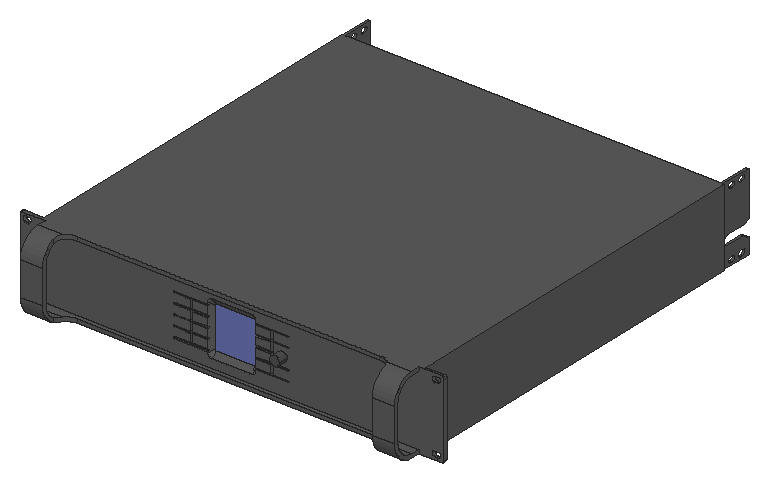
Revit family "PLM 5k44", category Communication Devices, Revit 2020
Family settings
  Maintain Annotation Orientation = No
  Round Connector Dimension = Use Diameter
  Part Type = Normal
  Work Plane-Based = No
  Always vertical = Yes
  Cut with Voids When Loaded = No
  Shared = No
  Room Calculation Point = No
Parameters
  Weight (kg) [instance] = 11.4  # constant formula
  Voltage [instance] = "100-240VAC"
  Thermal Load in Standby (BTU/hr) [instance] = 25  # constant formula
  Thermal Load Max (BTU/hr) [instance] = 1133  # constant formula
  Model = "PLM 5K44"
  Manufacturer = "Lab Gruppen"
  Default Elevation = 0 mm
  Current Draw (Max) [instance] = 10  # constant formula
Reference planes
  plane 1 "Center (Front/Back)": y = 0
  plane 2: z = 0
  plane 3 "Center (Left/Right)": x = 0
Forms (mm)
  Extrusion 1, solid, material "Aluminium, Black"
    sketch origin (0, 0, -0.064) x (1, 0, 0) y (0, 0, 1)
      loop
        arc (-239.3, 88.064) -> (-240.714, 87.478) -> (-241.3, 86.064) r 2
        line (-241.3, 86.064) -> (-241.3, 2.064)
        arc (-241.3, 2.064) -> (-240.714, 0.65) -> (-239.3, 0.064) r 2
        line (-239.3, 0.064) -> (239.3, 0.064)
        arc (239.3, 0.064) -> (240.714, 0.65) -> (241.3, 2.064) r 2
        line (241.3, 2.064) -> (241.3, 86.064)
        arc (241.3, 86.064) -> (240.714, 87.478) -> (239.3, 88.064) r 2
        line (239.3, 88.064) -> (-239.3, 88.064)
    from 0 to 3.2
  Extrusion 2, void
    sketch origin (0, 0, 0) x (1, 0, 0) y (0, 0, 1)
      loop
        arc (-234.4, 85.6) -> (-237.9, 82.1) -> (-234.4, 78.6) r 3.5
        line (-234.4, 78.6) -> (-231.4, 78.6)
        arc (-231.4, 78.6) -> (-227.9, 82.1) -> (-231.4, 85.6) r 3.5
        line (-231.4, 85.6) -> (-234.4, 85.6)
    from 0 to 3.2
  Extrusion 3, void
    sketch origin (0, 0, -76.2) x (1, 0, 0) y (0, 0, 1)
      loop
        arc (-234.4, 85.6) -> (-237.9, 82.1) -> (-234.4, 78.6) r 3.5
        line (-234.4, 78.6) -> (-231.4, 78.6)
        arc (-231.4, 78.6) -> (-227.9, 82.1) -> (-231.4, 85.6) r 3.5
        line (-231.4, 85.6) -> (-234.4, 85.6)
    from 0 to 3.2
  Extrusion 4, void
    sketch origin (465.8, 0, 0) x (1, 0, 0) y (0, 0, 1)
      loop
        arc (-234.4, 85.6) -> (-237.9, 82.1) -> (-234.4, 78.6) r 3.5
        line (-234.4, 78.6) -> (-231.4, 78.6)
        arc (-231.4, 78.6) -> (-227.9, 82.1) -> (-231.4, 85.6) r 3.5
        line (-231.4, 85.6) -> (-234.4, 85.6)
    from 0 to 3.2
  Extrusion 5, void
    sketch origin (465.8, 0, -76.2) x (1, 0, 0) y (0, 0, 1)
      loop
        arc (-234.4, 85.6) -> (-237.9, 82.1) -> (-234.4, 78.6) r 3.5
        line (-234.4, 78.6) -> (-231.4, 78.6)
        arc (-231.4, 78.6) -> (-227.9, 82.1) -> (-231.4, 85.6) r 3.5
        line (-231.4, 85.6) -> (-234.4, 85.6)
    from 0 to 3.2
  Extrusion 6, solid, material "Aluminium, Black"
    sketch origin (0, 0, 0) x (1, 0, 0) y (0, 0, 1)
      loop
        line (-217.6, 88) -> (-217.6, 0) -> (217.6, 0) -> (217.6, 88) -> (-217.6, 88)
    from 0 to -425
  Extrusion 7, solid, material "Aluminium, Black"
    sketch origin (0, 0, 0) x (0, 1, 0) y (0, 0, 1)
      loop
        line (-3.2, 88) -> (-13.5, 88)
        arc (-13.5, 88) -> (-31.178, 80.678) -> (-38.5, 63) r 25
        line (-38.5, 63) -> (-38.5, 25)
        arc (-38.5, 25) -> (-31.045, 7.189) -> (-13.125, 0) r 25.003
        line (-13.125, 0) -> (-3.2, 0) -> (-3.2, 4) -> (-13.5, 4)
        arc (-13.5, 4) -> (-28.349, 10.151) -> (-34.5, 25) r 21
        line (-34.5, 25) -> (-34.5, 63)
        arc (-34.5, 63) -> (-28.349, 77.849) -> (-13.5, 84) r 21
        line (-13.5, 84) -> (-3.2, 84) -> (-3.2, 88)
    from -212.75 to 212.825
  Extrusion 8, void
    sketch origin (0, 0, 0) x (1, 0, 0) y (0, 1, 0)
      loop
        line (-187.75, -23.5) -> (-187.75, -39.5) -> (187.749, -39.5) -> (187.749, -23.499)
        arc (187.749, -23.499) -> (183.356, -12.893) -> (172.75, -8.5) r 14.999
        line (172.75, -8.5) -> (-172.75, -8.5)
        arc (-172.75, -8.5) -> (-183.357, -12.893) -> (-187.75, -23.5) r 15
    from -2.378 to 88
  Extrusion 9, solid, material "Aluminium, Black"
    sketch origin (0, 425, 0) x (-1, 0, 0) y (0, 0, 1)
      loop
        line (-216.2, 88) -> (-216.2, 0) -> (-213.7, 0) -> (-213.7, 88) -> (-216.2, 88)
    from 0 to 36
  Extrusion 10, solid, material "Aluminium, Black"
    sketch origin (0, 425, 0) x (1, 0, 0) y (0, 0, -1)
      loop
        line (-216.2, -88) -> (-213.7, -88) -> (-213.7, 0) -> (-216.2, 0) -> (-216.2, -88)
    from 0 to 35
  Extrusion 11, void
    sketch origin (216.2, 425.995, 80.107) x (0, 0, 1) y (0, -1, 0)
      loop
        arc (5.393, -9.5) -> (1.893, -6) -> (-1.607, -9.5) r 3.5
        line (-1.607, -9.5) -> (-1.607, -12.5)
        arc (-1.607, -12.5) -> (1.893, -16) -> (5.393, -12.5) r 3.5
        line (5.393, -12.5) -> (5.393, -9.5)
    from 0 to -2.5
  Extrusion 12, void
    sketch origin (216.2, 440.495, 80.107) x (0, 0, 1) y (0, -1, 0)
      loop
        arc (5.393, -9.5) -> (1.893, -6) -> (-1.607, -9.5) r 3.5
        line (-1.607, -9.5) -> (-1.607, -12.5)
        arc (-1.607, -12.5) -> (1.893, -16) -> (5.393, -12.5) r 3.5
        line (5.393, -12.5) -> (5.393, -9.5)
    from 0 to -2.5
  Extrusion 13, void
    sketch origin (216.2, 425.995, 4.107) x (0, 0, 1) y (0, -1, 0)
      loop
        arc (5.393, -9.5) -> (1.893, -6) -> (-1.607, -9.5) r 3.5
        line (-1.607, -9.5) -> (-1.607, -12.5)
        arc (-1.607, -12.5) -> (1.893, -16) -> (5.393, -12.5) r 3.5
        line (5.393, -12.5) -> (5.393, -9.5)
    from 0 to -2.5
  Extrusion 14, void
    sketch origin (216.2, 440.495, 4.107) x (0, 0, 1) y (0, -1, 0)
      loop
        arc (5.393, -9.5) -> (1.893, -6) -> (-1.607, -9.5) r 3.5
        line (-1.607, -9.5) -> (-1.607, -12.5)
        arc (-1.607, -12.5) -> (1.893, -16) -> (5.393, -12.5) r 3.5
        line (5.393, -12.5) -> (5.393, -9.5)
    from 0 to -2.5
  Extrusion 15, void
    sketch origin (216.2, 425, 80.107) x (0, 0, 1) y (0, -1, 0)
      loop
        line (-61.448, -36) -> (-42.965, -36) -> (-47.007, -29) -> (-47.007, -6)
        arc (-47.007, -6) -> (-52.207, -0.8) -> (-57.407, -6) r 5.2
        line (-57.407, -6) -> (-57.407, -29) -> (-61.448, -36)
    from 0 to -2.5
  Extrusion 16, void
    sketch origin (-216.2, 425, 80.107) x (0, 0, -1) y (0, 1, 0)
      loop
        arc (-5.393, 10.495) -> (-1.893, 6.995) -> (1.607, 10.495) r 3.5
        line (1.607, 10.495) -> (1.607, 13.495)
        arc (1.607, 13.495) -> (-1.893, 16.995) -> (-5.393, 13.495) r 3.5
        line (-5.393, 13.495) -> (-5.393, 10.495)
    from 0 to 2.5
  Extrusion 17, void
    sketch origin (-216.2, 425, 80.107) x (0, 0, -1) y (0, 1, 0)
      loop
        arc (-5.393, 24.995) -> (-1.893, 21.495) -> (1.607, 24.995) r 3.5
        line (1.607, 24.995) -> (1.607, 27.995)
        arc (1.607, 27.995) -> (-1.893, 31.495) -> (-5.393, 27.995) r 3.5
        line (-5.393, 27.995) -> (-5.393, 24.995)
    from 0 to 2.5
  Extrusion 18, void
    sketch origin (-216.2, 425, 80.107) x (0, 0, -1) y (0, 1, 0)
      loop
        arc (70.607, 10.495) -> (74.107, 6.995) -> (77.607, 10.495) r 3.5
        line (77.607, 10.495) -> (77.607, 13.495)
        arc (77.607, 13.495) -> (74.107, 16.995) -> (70.607, 13.495) r 3.5
        line (70.607, 13.495) -> (70.607, 10.495)
    from 0 to 2.5
  Extrusion 19, void
    sketch origin (-216.2, 425, 80.107) x (0, 0, -1) y (0, 1, 0)
      loop
        arc (70.607, 24.995) -> (74.107, 21.495) -> (77.607, 24.995) r 3.5
        line (77.607, 24.995) -> (77.607, 27.995)
        arc (77.607, 27.995) -> (74.107, 31.495) -> (70.607, 27.995) r 3.5
        line (70.607, 27.995) -> (70.607, 24.995)
    from 0 to 2.5
  Extrusion 20, void
    sketch origin (-216.2, 425, 80.107) x (0, 0, -1) y (0, 1, 0)
      loop
        line (61.448, 36) -> (42.965, 36) -> (47.007, 29) -> (47.007, 6)
        arc (47.007, 6) -> (52.207, 0.8) -> (57.407, 6) r 5.2
        line (57.407, 6) -> (57.407, 29) -> (61.448, 36)
    from 0 to 2.5
  Extrusion 21, solid, material "Steel, Paint Finish, Black, Matte"
    sketch origin (0, -3.2, 88) x (0, 0, -1) y (-1, 0, 0)
      loop
        circle (44, -56.9) r 5.35
    from 0 to -10.5
  Blend 22, void
    base sketch origin (0, -3.2, 88) x (0, 0, -1) y (-1, 0, 0)
      loop
        arc (13.34, 23.681) -> (12.926, -0.008) -> (13.343, -23.697) r 676.447
        arc (13.343, -23.697) -> (14.858, -26.344) -> (17.723, -27.391) r 4.444
        line (17.723, -27.391) -> (70.078, -27.391)
        arc (70.078, -27.391) -> (72.853, -26.315) -> (74.176, -23.65) r 4.115
        arc (74.176, -23.65) -> (74.563, 0) -> (74.176, 23.65) r 723.698
        arc (74.176, 23.65) -> (72.853, 26.315) -> (70.078, 27.391) r 4.115
        line (70.078, 27.391) -> (17.723, 27.391)
        arc (17.723, 27.391) -> (14.852, 26.339) -> (13.34, 23.681) r 4.444
    top sketch origin (0, -3.2, 88) x (0, 0, -1) y (-1, 0, 0)
      loop
        arc (66.251, -23.505) -> (67.319, -23.095) -> (67.838, -22.076) r 1.596
        line (67.838, -22.076) -> (67.838, 22.076)
        arc (67.838, 22.076) -> (67.319, 23.095) -> (66.251, 23.505) r 1.596
        line (66.251, 23.505) -> (21.713, 23.505)
        arc (21.713, 23.505) -> (20.644, 23.102) -> (20.108, 22.094) r 1.619
        line (20.108, 22.094) -> (20.108, -22.094)
        arc (20.108, -22.094) -> (20.644, -23.102) -> (21.713, -23.505) r 1.619
        line (21.713, -23.505) -> (66.251, -23.505)
    from 0 to 5
  Extrusion 23, void
    sketch origin (0, -3.2, 88) x (0, 0, 1) y (-1, 0, 0)
      loop
        line (-19.588, -64.767) -> (-19.588, -25.383) -> (-22.192, -25.383) -> (-22.192, -44.418) -> (-31.178, -44.418) -> (-31.178, -25.383) -> (-33.733, -25.383) -> (-33.733, -44.418) -> (-42.752, -44.418) -> (-42.752, -25.383) -> (-45.272, -25.383) -> (-45.272, -44.418) -> (-54.208, -44.418) -> (-54.208, -25.383) -> (-56.813, -25.383) -> (-56.813, -44.418) -> (-65.748, -44.418) -> (-65.748, -25.383) -> (-68.353, -25.383) -> (-68.353, -64.767)
        arc (-68.353, -64.767) -> (-67.05, -66.07) -> (-65.748, -64.767) r 1.302
        line (-65.748, -64.767) -> (-65.748, -47.035) -> (-56.813, -47.035) -> (-56.813, -64.767)
        arc (-56.813, -64.767) -> (-55.51, -66.07) -> (-54.208, -64.767) r 1.302
        line (-54.208, -64.767) -> (-54.208, -47.035) -> (-33.733, -47.035) -> (-33.733, -64.764)
        arc (-33.733, -64.764) -> (-32.455, -66.041) -> (-31.178, -64.764) r 1.277
        line (-31.178, -64.764) -> (-31.178, -47.035) -> (-22.192, -47.035) -> (-22.192, -64.767)
        arc (-22.192, -64.767) -> (-20.89, -66.07) -> (-19.588, -64.767) r 1.302
    from 0 to -1.5
  Extrusion 24, void
    sketch origin (0, -3.2, -0.064) x (1, 0, 0) y (0, 0, 1)
      loop
        line (-64.827, 19.712) -> (-25.575, 19.712) -> (-25.575, 22.317) -> (-44.479, 22.317) -> (-44.479, 31.252) -> (-25.575, 31.252) -> (-25.575, 33.857) -> (-44.479, 33.857) -> (-44.479, 42.792) -> (-25.575, 42.792) -> (-25.575, 45.397) -> (-44.479, 45.397) -> (-44.479, 54.332) -> (-25.575, 54.332) -> (-25.575, 56.937) -> (-44.479, 56.937) -> (-44.479, 65.872) -> (-25.575, 65.872) -> (-25.575, 68.477) -> (-64.827, 68.477)
        arc (-64.827, 68.477) -> (-66.13, 67.174) -> (-64.827, 65.872) r 1.302
        line (-64.827, 65.872) -> (-47.084, 65.872) -> (-47.084, 56.937) -> (-64.827, 56.937)
        arc (-64.827, 56.937) -> (-66.13, 55.634) -> (-64.827, 54.332) r 1.302
        line (-64.827, 54.332) -> (-47.084, 54.332) -> (-47.084, 45.397) -> (-64.827, 45.397)
        arc (-64.827, 45.397) -> (-66.13, 44.094) -> (-64.827, 42.792) r 1.302
        line (-64.827, 42.792) -> (-47.084, 42.792) -> (-47.084, 33.857) -> (-64.827, 33.857)
        arc (-64.827, 33.857) -> (-66.13, 32.554) -> (-64.827, 31.252) r 1.302
        line (-64.827, 31.252) -> (-47.084, 31.252) -> (-47.084, 22.317) -> (-64.827, 22.317)
        arc (-64.827, 22.317) -> (-66.13, 21.014) -> (-64.827, 19.712) r 1.302
    from 0 to -1.5
  Extrusion 25, solid, material "Steel, Paint Finish, Black, Matte"
    sketch origin (0, 425, 0) x (-1, 0, 0) y (0, 0, 1)
      loop
        line (123, 66.6) -> (123, 49.1) -> (158, 49.1) -> (158, 66.6) -> (123, 66.6)
    from 0 to 11.2
  Extrusion 26, solid, material "Plastic, Red"
    sketch origin (0, 425, 0) x (-1, 0, 0) y (0, 0, 1)
      loop
        circle (150.025, 57.1) r 7.5
    from 26.2 to 11.2
  Extrusion 27, void
    sketch origin (0, 425, 0) x (-1, 0, 0) y (0, 0, 1)
      loop
        circle (150.025, 57.1) r 3.5
    from 26.2 to 11.2
  Extrusion 28, solid, material "Steel, Paint Finish, Black, Matte"
    sketch origin (0, 425, 0) x (-1, 0, 0) y (0, 0, 1)
      loop
        circle (130.975, 57.1) r 7.347
    from 26.2 to 11.2
  Extrusion 29, void
    sketch origin (0, 425, 0) x (-1, 0, 0) y (0, 0, 1)
      loop
        circle (130.975, 57.1) r 3.472
    from 26.2 to 11.2
  Extrusion 30, solid, material "Plastic, Red"
    sketch origin (0, 425, 0) x (-1, 0, 0) y (0, 0, 1)
      loop
        circle (111.925, 57.1) r 7.463
    from 26.2 to 11.2
  Extrusion 31, void
    sketch origin (0, 425, 0) x (-1, 0, 0) y (0, 0, 1)
      loop
        circle (111.925, 57.1) r 3.5
    from 26.2 to 11.2
  Extrusion 32, solid, material "Steel, Paint Finish, Black, Matte"
    sketch origin (0, 425, 0) x (-1, 0, 0) y (0, 0, 1)
      loop
        circle (92.875, 57.1) r 7.392
    from 26.2 to 11.2
  Extrusion 33, void
    sketch origin (0, 425, 0) x (-1, 0, 0) y (0, 0, 1)
      loop
        circle (92.875, 57.1) r 3.5
    from 26.2 to 11.2
  Extrusion 34, solid, material "Plastic, Red"
    sketch origin (0, 425, 0) x (-1, 0, 0) y (0, 0, 1)
      loop
        circle (61.325, 57.1) r 7.5
    from 26.2 to 11.2
  Extrusion 35, void
    sketch origin (0, 425, 0) x (-1, 0, 0) y (0, 0, 1)
      loop
        circle (61.325, 57.1) r 3.5
    from 26.2 to 11.2
  Extrusion 36, solid, material "Steel, Paint Finish, Black, Matte"
    sketch origin (0, 425, 0) x (-1, 0, 0) y (0, 0, 1)
      loop
        circle (42.275, 57.1) r 7.5
    from 26.2 to 11.2
  Extrusion 37, void
    sketch origin (0, 425, 0) x (-1, 0, 0) y (0, 0, 1)
      loop
        circle (42.275, 57.1) r 3.5
    from 26.2 to 11.2
  Extrusion 38, solid, material "Plastic, Red"
    sketch origin (0, 425, 0) x (-1, 0, 0) y (0, 0, 1)
      loop
        circle (23.225, 57.1) r 7.5
    from 26.2 to 11.2
  Extrusion 39, void
    sketch origin (0, 425, 0) x (-1, 0, 0) y (0, 0, 1)
      loop
        circle (23.225, 57.1) r 3.5
    from 26.2 to 11.2
  Extrusion 40, solid, material "Steel, Paint Finish, Black, Matte"
    sketch origin (0, 425, 0) x (-1, 0, 0) y (0, 0, 1)
      loop
        circle (4.175, 57.1) r 7.5
    from 26.2 to 11.2
  Extrusion 41, void
    sketch origin (0, 425, 0) x (-1, 0, 0) y (0, 0, 1)
      loop
        circle (4.175, 57.1) r 3.5
    from 26.2 to 11.2
  Extrusion 42, solid, material "Steel, Paint Finish, Black, Matte"
    sketch origin (0, 425, 0) x (-1, 0, 0) y (0, 0, 1)
      loop
        line (84.9, 66.6) -> (84.9, 49.037) -> (120.039, 49.037) -> (120.039, 66.6) -> (84.9, 66.6)
      loop
        line (34.3, 66.6) -> (34.3, 49.037) -> (69.3, 49.037) -> (69.3, 66.6) -> (34.3, 66.6)
    from 0 to 11.2
  Extrusion 43, solid, material "Steel, Paint Finish, Black, Matte"
    sketch origin (0, 425, 0) x (-1, 0, 0) y (0, 0, 1)
      loop
        line (-3.8, 66.6) -> (-3.8, 49.1) -> (31.2, 49.1) -> (31.2, 66.6) -> (-3.8, 66.6)
    from 0 to 11.2
Cuts and joins
  Extrusion 2, Extrusion 3, Extrusion 4, Extrusion 5, Blend 22, Extrusion 23, Extrusion 24 cuts Extrusion 1
  Blend 22, Extrusion 23 cuts Extrusion 6
  Extrusion 8, Blend 22 cuts Extrusion 7
  Extrusion 11, Extrusion 12, Extrusion 13, Extrusion 14, Extrusion 15, Extrusion 16, Extrusion 17, Extrusion 18, Extrusion 19, Extrusion 20 cuts Extrusion 9
  Extrusion 16, Extrusion 17, Extrusion 18, Extrusion 19, Extrusion 20 cuts Extrusion 10
  joined: Extrusion 1, Extrusion 6, Extrusion 7, Extrusion 9, Extrusion 10
  Extrusion 27, Extrusion 29 cuts Extrusion 25
  Extrusion 27 cuts Extrusion 26
  Extrusion 29 cuts Extrusion 28
  Extrusion 31 cuts Extrusion 30
  Extrusion 33 cuts Extrusion 32
  Extrusion 35 cuts Extrusion 34
  Extrusion 37 cuts Extrusion 36
  Extrusion 39 cuts Extrusion 38
  Extrusion 41 cuts Extrusion 40
Lines and regions (mm)
  Split face 1
    outline origin (-239.3, -3.2, 88) x (-1, 0, 0) y (0, 0, -1)
      loop
        line (-171.8, 4) -> (-171.8, 84)
  Split face 2
    outline origin (-239.3, -3.2, 88) x (-1, 0, 0) y (0, 0, -1)
      loop
        line (-306.8, 4) -> (-306.8, 84)
  Split face 3
    outline origin (-239.3, -3.2, 88) x (-1, 0, 0) y (0, 0, -1)
      loop
        arc (-340.365, 38.963) -> (-339.067, 39.501) -> (-338.53, 40.798) r 1.835
        line (-338.53, 40.798) -> (-338.53, 47.129)
        arc (-338.53, 47.129) -> (-339.067, 48.426) -> (-340.365, 48.963) r 1.835
        line (-340.365, 48.963) -> (-386.695, 48.963)
        arc (-386.695, 48.963) -> (-387.992, 48.426) -> (-388.53, 47.129) r 1.835
        line (-388.53, 47.129) -> (-388.53, 40.798)
        arc (-388.53, 40.798) -> (-387.992, 39.501) -> (-386.695, 38.963) r 1.835
        line (-386.695, 38.963) -> (-340.365, 38.963)
  Split face 4
    outline origin (-239.3, -3.2, 88) x (-1, 0, 0) y (0, 0, -1)
      loop
        arc (-91.84, 38.963) -> (-90.543, 39.496) -> (-90.005, 40.791) r 1.828
        line (-90.005, 40.791) -> (-90.005, 47.122)
        arc (-90.005, 47.122) -> (-90.54, 48.424) -> (-91.84, 48.963) r 1.835
        line (-91.84, 48.963) -> (-138.17, 48.963)
        arc (-138.17, 48.963) -> (-139.468, 48.422) -> (-140.005, 47.122) r 1.842
        line (-140.005, 47.122) -> (-140.005, 40.791)
        arc (-140.005, 40.791) -> (-139.465, 39.498) -> (-138.17, 38.963) r 1.835
        line (-138.17, 38.963) -> (-91.84, 38.963)
  Split face 5
    outline origin (-239.3, -3.2, 88) x (-1, 0, 0) y (0, 0, -1)
      loop
        line (-311.59, 8.65) -> (-311.59, 79.35) -> (-439.59, 79.35) -> (-439.59, 8.65) -> (-311.59, 8.65)
  Split face 6
    outline origin (-239.3, -3.2, 88) x (-1, 0, 0) y (0, 0, -1)
      loop
        line (-167, 8.65) -> (-39, 8.65) -> (-39, 79.35) -> (-167, 79.35) -> (-167, 8.65)
  Split face 7
    outline origin (-239.3, -3.2, 88) x (-1, 0, 0) y (0, 0, -1)
      loop
        line (-205.67, 24.696) -> (-205.67, 28.658) -> (-209.632, 28.658) -> (-209.632, 24.696) -> (-205.67, 24.696)
  Split face 8
    outline origin (-239.3, -3.2, 88) x (-1, 0, 0) y (0, 0, -1)
      loop
        line (-205.67, 36.126) -> (-205.67, 40.088) -> (-209.632, 40.088) -> (-209.632, 36.126) -> (-205.67, 36.126)
  Split face 9
    outline origin (-239.3, -3.2, 88) x (-1, 0, 0) y (0, 0, -1)
      loop
        line (-205.67, 47.556) -> (-205.67, 51.518) -> (-209.632, 51.518) -> (-209.632, 47.556) -> (-205.67, 47.556)
  Split face 10
    outline origin (-239.3, -3.2, 88) x (-1, 0, 0) y (0, 0, -1)
      loop
        line (-205.67, 58.986) -> (-205.67, 62.948) -> (-209.632, 62.948) -> (-209.632, 58.986) -> (-205.67, 58.986)
  Split face 11
    outline origin (-239.3, -3.2, 88) x (-1, 0, 0) y (0, 0, -1)
      loop
        line (-269.169, 24.696) -> (-269.169, 28.658) -> (-273.131, 28.658) -> (-273.131, 24.696) -> (-269.169, 24.696)
  Split face 12
    outline origin (-239.3, -3.2, 88) x (-1, 0, 0) y (0, 0, -1)
      loop
        line (-269.169, 36.126) -> (-269.169, 40.088) -> (-273.131, 40.088) -> (-273.131, 36.126) -> (-269.169, 36.126)
  Split face 13
    outline origin (-239.3, -3.2, 88) x (-1, 0, 0) y (0, 0, -1)
      loop
        line (-269.169, 47.556) -> (-269.169, 51.518) -> (-273.131, 51.518) -> (-273.131, 47.556) -> (-269.169, 47.556)
  Split face 14
    outline origin (-239.3, -3.2, 88) x (-1, 0, 0) y (0, 0, -1)
      loop
        line (-269.169, 58.986) -> (-269.169, 62.948) -> (-273.131, 62.948) -> (-273.131, 58.986) -> (-269.169, 58.986)
  Split face 15
    outline origin (-239.3, -3.2, 88) x (-1, 0, 0) y (0, 0, -1)
      loop
        circle (-294.814, 26.703) r 1.961
  Split face 16
    outline origin (-216, 425, 88) x (1, 0, 0) y (0, 0, -1)
      loop
        line (15.5, 56.8) -> (18, 56.8) -> (18, 79.8) -> (15.5, 79.8) -> (15.5, 56.8)
  Split face 17
    outline origin (-216, 425, 88) x (1, 0, 0) y (0, 0, -1)
      loop
        line (19.5, 79.8) -> (19.5, 56.8) -> (22, 56.8) -> (22, 79.8) -> (19.5, 79.8)
  Split face 18
    outline origin (-216, 425, 88) x (1, 0, 0) y (0, 0, -1)
      loop
        line (23.5, 79.8) -> (23.5, 56.8) -> (26, 56.8) -> (26, 79.8) -> (23.5, 79.8)
  Split face 19
    outline origin (-216, 425, 88) x (1, 0, 0) y (0, 0, -1)
      loop
        line (27.5, 79.8) -> (27.5, 56.8) -> (30.001, 56.8) -> (30.001, 79.8) -> (27.5, 79.8)
  Split face 20
    outline origin (-216, 425, 88) x (1, 0, 0) y (0, 0, -1)
      loop
        line (31.501, 79.8) -> (31.501, 56.8) -> (34, 56.8) -> (34, 79.8) -> (31.501, 79.8)
  Split face 21
    outline origin (-216, 425, 88) x (1, 0, 0) y (0, 0, -1)
      loop
        line (35.5, 79.8) -> (35.5, 56.8) -> (38, 56.8) -> (38, 79.8) -> (35.5, 79.8)
  Split face 22
    outline origin (-216, 425, 88) x (1, 0, 0) y (0, 0, -1)
      loop
        line (39.5, 79.8) -> (39.5, 56.8) -> (42.001, 56.8) -> (42.001, 79.8) -> (39.5, 79.8)
  Split face 23
    outline origin (-216, 425, 88) x (1, 0, 0) y (0, 0, -1)
      loop
        line (43.501, 79.8) -> (43.501, 56.8) -> (46, 56.8) -> (46, 79.8) -> (43.501, 79.8)
  Split face 24
    outline origin (-216, 425, 88) x (1, 0, 0) y (0, 0, -1)
      loop
        line (47.5, 79.8) -> (47.5, 56.8) -> (50, 56.8) -> (50, 79.8) -> (47.5, 79.8)
  Split face 25
    outline origin (-216, 425, 88) x (1, 0, 0) y (0, 0, -1)
      loop
        line (51.5, 79.8) -> (51.5, 56.8) -> (54, 56.8) -> (54, 79.8) -> (51.5, 79.8)
  Split face 26
    outline origin (-216, 425, 88) x (1, 0, 0) y (0, 0, -1)
      loop
        line (55.5, 79.8) -> (55.5, 56.8) -> (58, 56.8) -> (58, 79.8) -> (55.5, 79.8)
  Split face 27
    outline origin (-216, 425, 88) x (1, 0, 0) y (0, 0, -1)
      loop
        line (57.5, 18.4) -> (57.5, 7.7) -> (60, 7.7) -> (60, 18.4) -> (57.5, 18.4)
  Split face 28
    outline origin (-216, 425, 88) x (1, 0, 0) y (0, 0, -1)
      loop
        line (61.5, 18.4) -> (61.5, 7.7) -> (64, 7.7) -> (64, 18.4) -> (61.5, 18.4)
  Split face 29
    outline origin (-216, 425, 88) x (1, 0, 0) y (0, 0, -1)
      loop
        line (65.5, 18.4) -> (65.5, 7.7) -> (68, 7.7) -> (68, 18.4) -> (65.5, 18.4)
  Split face 30
    outline origin (-216, 425, 88) x (1, 0, 0) y (0, 0, -1)
      loop
        line (69.5, 18.4) -> (69.5, 7.7) -> (72, 7.7) -> (72, 18.4) -> (69.5, 18.4)
  Split face 31
    outline origin (-216, 425, 88) x (1, 0, 0) y (0, 0, -1)
      loop
        line (73.5, 18.4) -> (73.5, 7.7) -> (76, 7.7) -> (76, 18.4) -> (73.5, 18.4)
  Split face 32
    outline origin (-216, 425, 88) x (1, 0, 0) y (0, 0, -1)
      loop
        line (77.5, 18.4) -> (77.5, 7.7) -> (80, 7.7) -> (80, 18.4) -> (77.5, 18.4)
  Split face 33
    outline origin (-216, 425, 88) x (1, 0, 0) y (0, 0, -1)
      loop
        line (81.5, 18.4) -> (81.5, 7.7) -> (84, 7.7) -> (84, 18.4) -> (81.5, 18.4)
  Split face 34
    outline origin (-216, 425, 88) x (1, 0, 0) y (0, 0, -1)
      loop
        line (85.5, 18.4) -> (85.5, 7.7) -> (88, 7.7) -> (88, 18.4) -> (85.5, 18.4)
  Split face 35
    outline origin (-216, 425, 88) x (1, 0, 0) y (0, 0, -1)
      loop
        line (89.5, 18.4) -> (89.5, 7.7) -> (92.001, 7.7) -> (92.001, 18.4) -> (89.5, 18.4)
  Split face 36
    outline origin (-216, 425, 88) x (1, 0, 0) y (0, 0, -1)
      loop
        line (93.501, 18.4) -> (93.501, 7.7) -> (96, 7.7) -> (96, 18.4) -> (93.501, 18.4)
  Split face 37
    outline origin (-216, 425, 88) x (1, 0, 0) y (0, 0, -1)
      loop
        line (97.5, 18.4) -> (97.5, 7.7) -> (100, 7.7) -> (100, 18.4) -> (97.5, 18.4)
  Split face 38
    outline origin (-216, 425, 88) x (1, 0, 0) y (0, 0, -1)
      loop
        line (101.5, 18.4) -> (101.5, 7.7) -> (104.001, 7.7) -> (104.001, 18.4) -> (101.5, 18.4)
  Split face 39
    outline origin (-216, 425, 88) x (1, 0, 0) y (0, 0, -1)
      loop
        line (105.501, 18.4) -> (105.501, 7.7) -> (108, 7.7) -> (108, 18.4) -> (105.501, 18.4)
  Split face 40
    outline origin (-216, 425, 88) x (1, 0, 0) y (0, 0, -1)
      loop
        line (109.5, 18.4) -> (109.5, 7.7) -> (112, 7.7) -> (112, 18.4) -> (109.5, 18.4)
  Split face 41
    outline origin (-216, 425, 88) x (1, 0, 0) y (0, 0, -1)
      loop
        line (113.5, 18.4) -> (113.5, 7.7) -> (116, 7.7) -> (116, 18.4) -> (113.5, 18.4)
  Split face 42
    outline origin (-216, 425, 88) x (1, 0, 0) y (0, 0, -1)
      loop
        line (117.5, 18.4) -> (117.5, 7.7) -> (120, 7.7) -> (120, 18.4) -> (117.5, 18.4)
  Split face 43
    outline origin (-216, 425, 88) x (1, 0, 0) y (0, 0, -1)
      loop
        line (121.5, 18.4) -> (121.5, 7.7) -> (124, 7.7) -> (124, 18.4) -> (121.5, 18.4)
  Split face 44
    outline origin (-216, 425, 88) x (1, 0, 0) y (0, 0, -1)
      loop
        line (125.5, 18.4) -> (125.5, 7.7) -> (128, 7.7) -> (128, 18.4) -> (125.5, 18.4)
  Split face 45
    outline origin (-216, 425, 88) x (1, 0, 0) y (0, 0, -1)
      loop
        line (129.5, 18.4) -> (129.5, 7.7) -> (132, 7.7) -> (132, 18.4) -> (129.5, 18.4)
  Split face 46
    outline origin (-216, 425, 88) x (1, 0, 0) y (0, 0, -1)
      loop
        line (133.5, 18.4) -> (133.5, 7.7) -> (136, 7.7) -> (136, 18.4) -> (133.5, 18.4)
  Split face 47
    outline origin (-216, 425, 88) x (1, 0, 0) y (0, 0, -1)
      loop
        line (137.5, 18.4) -> (137.5, 7.7) -> (140, 7.7) -> (140, 18.4) -> (137.5, 18.4)
  Split face 48
    outline origin (-216, 425, 88) x (1, 0, 0) y (0, 0, -1)
      loop
        line (141.5, 18.4) -> (141.5, 7.7) -> (144, 7.7) -> (144, 18.4) -> (141.5, 18.4)
  Split face 49
    outline origin (-216, 425, 88) x (1, 0, 0) y (0, 0, -1)
      loop
        line (145.5, 18.4) -> (145.5, 7.7) -> (148, 7.7) -> (148, 18.4) -> (145.5, 18.4)
  Split face 50
    outline origin (-216, 425, 88) x (1, 0, 0) y (0, 0, -1)
      loop
        line (149.5, 18.4) -> (149.5, 7.7) -> (152, 7.7) -> (152, 18.4) -> (149.5, 18.4)
  Split face 51
    outline origin (-216, 425, 88) x (1, 0, 0) y (0, 0, -1)
      loop
        line (153.5, 18.4) -> (153.5, 7.7) -> (156, 7.7) -> (156, 18.4) -> (153.5, 18.4)
  Split face 52
    outline origin (-216, 425, 88) x (1, 0, 0) y (0, 0, -1)
      loop
        line (157.5, 18.4) -> (157.5, 7.7) -> (160.001, 7.7) -> (160.001, 18.4) -> (157.5, 18.4)
  Split face 53
    outline origin (-216, 425, 88) x (1, 0, 0) y (0, 0, -1)
      loop
        line (161.501, 18.4) -> (161.501, 7.7) -> (164, 7.7) -> (164, 18.4) -> (161.501, 18.4)
  Split face 54
    outline origin (-216, 425, 88) x (1, 0, 0) y (0, 0, -1)
      loop
        line (165.5, 18.4) -> (165.5, 7.7) -> (168, 7.7) -> (168, 18.4) -> (165.5, 18.4)
  Split face 55
    outline origin (-216, 425, 88) x (1, 0, 0) y (0, 0, -1)
      loop
        line (169.5, 18.4) -> (169.5, 7.7) -> (172.001, 7.7) -> (172.001, 18.4) -> (169.5, 18.4)
  Split face 56
    outline origin (-216, 425, 88) x (1, 0, 0) y (0, 0, -1)
      loop
        line (173.501, 18.4) -> (173.501, 7.7) -> (176, 7.7) -> (176, 18.4) -> (173.501, 18.4)
  Split face 57
    outline origin (-216, 425, 88) x (1, 0, 0) y (0, 0, -1)
      loop
        line (177.5, 18.4) -> (177.5, 7.7) -> (180, 7.7) -> (180, 18.4) -> (177.5, 18.4)
  Split face 58
    outline origin (-216, 425, 88) x (1, 0, 0) y (0, 0, -1)
      loop
        line (181.5, 18.4) -> (181.5, 7.7) -> (184, 7.7) -> (184, 18.4) -> (181.5, 18.4)
  Split face 59
    outline origin (-216, 425, 88) x (1, 0, 0) y (0, 0, -1)
      loop
        line (185.5, 18.4) -> (185.5, 7.7) -> (188, 7.7) -> (188, 18.4) -> (185.5, 18.4)
  Split face 60
    outline origin (-216, 425, 88) x (1, 0, 0) y (0, 0, -1)
      loop
        line (189.5, 18.4) -> (189.5, 7.7) -> (192, 7.7) -> (192, 18.4) -> (189.5, 18.4)
  Split face 61
    outline origin (-216, 425, 88) x (1, 0, 0) y (0, 0, -1)
      loop
        line (193.5, 18.4) -> (193.5, 7.7) -> (196, 7.7) -> (196, 18.4) -> (193.5, 18.4)
  Split face 62
    outline origin (-216, 425, 88) x (1, 0, 0) y (0, 0, -1)
      loop
        line (207.9, 18.4) -> (207.9, 7.7) -> (210.4, 7.7) -> (210.4, 18.4) -> (207.9, 18.4)
  Split face 63
    outline origin (-216, 425, 88) x (1, 0, 0) y (0, 0, -1)
      loop
        line (211.9, 18.4) -> (211.9, 7.7) -> (214.4, 7.7) -> (214.4, 18.4) -> (211.9, 18.4)
  Split face 64
    outline origin (-216, 425, 88) x (1, 0, 0) y (0, 0, -1)
      loop
        line (218.4, 18.4) -> (215.9, 18.4) -> (215.9, 7.7) -> (218.4, 7.7) -> (218.4, 18.4)
  Split face 65
    outline origin (-216, 425, 88) x (1, 0, 0) y (0, 0, -1)
      loop
        line (219.9, 18.4) -> (219.9, 7.7) -> (222.401, 7.7) -> (222.401, 18.4) -> (219.9, 18.4)
  Split face 66
    outline origin (-216, 425, 88) x (1, 0, 0) y (0, 0, -1)
      loop
        line (223.901, 18.4) -> (223.901, 7.7) -> (226.4, 7.7) -> (226.4, 18.4) -> (223.901, 18.4)
  Split face 67
    outline origin (-216, 425, 88) x (1, 0, 0) y (0, 0, -1)
      loop
        line (227.9, 18.4) -> (227.9, 7.7) -> (230.4, 7.7) -> (230.4, 18.4) -> (227.9, 18.4)
  Split face 68
    outline origin (-216, 425, 88) x (1, 0, 0) y (0, 0, -1)
      loop
        line (231.9, 18.4) -> (231.9, 7.7) -> (234.401, 7.7) -> (234.401, 18.4) -> (231.9, 18.4)
  Split face 69
    outline origin (-216, 425, 88) x (1, 0, 0) y (0, 0, -1)
      loop
        line (235.901, 18.4) -> (235.901, 7.7) -> (238.4, 7.7) -> (238.4, 18.4) -> (235.901, 18.4)
  Split face 70
    outline origin (-216, 425, 88) x (1, 0, 0) y (0, 0, -1)
      loop
        line (239.9, 18.4) -> (239.9, 7.7) -> (242.4, 7.7) -> (242.4, 18.4) -> (239.9, 18.4)
  Split face 71
    outline origin (-216, 425, 88) x (1, 0, 0) y (0, 0, -1)
      loop
        line (243.9, 18.4) -> (243.9, 7.7) -> (246.402, 7.7) -> (246.402, 18.4) -> (243.9, 18.4)
  Split face 72
    outline origin (-216, 425, 88) x (1, 0, 0) y (0, 0, -1)
      loop
        line (247.9, 18.4) -> (247.9, 7.7) -> (250.4, 7.7) -> (250.4, 18.4) -> (247.9, 18.4)
  Split face 73
    outline origin (-216, 425, 88) x (1, 0, 0) y (0, 0, -1)
      loop
        line (251.9, 18.4) -> (251.9, 7.7) -> (254.4, 7.7) -> (254.4, 18.4) -> (251.9, 18.4)
  Split face 74
    outline origin (-216, 425, 88) x (1, 0, 0) y (0, 0, -1)
      loop
        line (255.9, 18.4) -> (255.9, 7.7) -> (258.4, 7.7) -> (258.4, 18.4) -> (255.9, 18.4)
  Split face 75
    outline origin (-216, 425, 88) x (1, 0, 0) y (0, 0, -1)
      loop
        line (259.9, 18.4) -> (259.9, 7.7) -> (262.401, 7.7) -> (262.401, 18.4) -> (259.9, 18.4)
  Split face 76
    outline origin (-216, 425, 88) x (1, 0, 0) y (0, 0, -1)
      loop
        line (263.901, 18.4) -> (263.901, 7.7) -> (266.4, 7.7) -> (266.4, 18.4) -> (263.901, 18.4)
  Split face 77
    outline origin (-216, 425, 88) x (1, 0, 0) y (0, 0, -1)
      loop
        line (267.9, 18.4) -> (267.9, 7.7) -> (270.4, 7.7) -> (270.4, 18.4) -> (267.9, 18.4)
  Split face 78
    outline origin (-216, 425, 88) x (1, 0, 0) y (0, 0, -1)
      loop
        line (271.9, 18.4) -> (271.9, 7.7) -> (274.4, 7.7) -> (274.4, 18.4) -> (271.9, 18.4)
  Split face 79
    outline origin (-216, 425, 88) x (1, 0, 0) y (0, 0, -1)
      loop
        line (275.9, 18.4) -> (275.9, 7.7) -> (278.4, 7.7) -> (278.4, 18.4) -> (275.9, 18.4)
  Split face 80
    outline origin (-216, 425, 88) x (1, 0, 0) y (0, 0, -1)
      loop
        line (279.9, 18.4) -> (279.9, 7.7) -> (282.401, 7.7) -> (282.401, 18.4) -> (279.9, 18.4)
  Split face 81
    outline origin (-216, 425, 88) x (1, 0, 0) y (0, 0, -1)
      loop
        arc (44.95, 14.65) -> (47.072, 15.529) -> (47.95, 17.65) r 3
        line (47.95, 17.65) -> (47.95, 42.15)
        arc (47.95, 42.15) -> (47.049, 44.282) -> (44.908, 45.163) r 3.043
        line (44.908, 45.163) -> (28.45, 45.163)
        arc (28.45, 45.163) -> (26.328, 44.276) -> (25.45, 42.15) r 3.013
        line (25.45, 42.15) -> (25.45, 17.65)
        arc (25.45, 17.65) -> (26.329, 15.529) -> (28.45, 14.65) r 3
        line (28.45, 14.65) -> (44.95, 14.65)
  Split face 82
    outline origin (-216, 425, 88) x (1, 0, 0) y (0, 0, -1)
      loop
        line (39.716, 18.145) -> (44.455, 22.884) -> (44.455, 36.916) -> (39.716, 41.655) -> (30.5, 41.655)
        arc (30.5, 41.655) -> (29.401, 41.199) -> (28.946, 40.1) r 1.555
        line (28.946, 40.1) -> (28.946, 19.699)
        arc (28.946, 19.699) -> (29.401, 18.6) -> (30.5, 18.145) r 1.554
        line (30.5, 18.145) -> (39.716, 18.145)
  Split face 83
    outline origin (-216, 425, 88) x (1, 0, 0) y (0, 0, -1)
      loop
        line (36.7, 21.9) -> (36.7, 23.9) -> (32.7, 23.9) -> (32.7, 21.9) -> (36.7, 21.9)
  Split face 84
    outline origin (-216, 425, 88) x (1, 0, 0) y (0, 0, -1)
      loop
        line (40.7, 28.9) -> (40.7, 30.9) -> (36.7, 30.9) -> (36.7, 28.9) -> (40.7, 28.9)
  Split face 85
    outline origin (-216, 425, 88) x (1, 0, 0) y (0, 0, -1)
      loop
        line (36.7, 35.9) -> (36.7, 37.9) -> (32.7, 37.9) -> (32.7, 35.9) -> (36.7, 35.9)
  Split face 86
    outline origin (-216, 425, 88) x (1, 0, 0) y (0, 0, -1)
      loop
        circle (75, 64.8) r 12
  Split face 87
    outline origin (-216, 425, 88) x (1, 0, 0) y (0, 0, -1)
      loop
        arc (73.35, 73.62) -> (66.04, 65.289) -> (72.4, 56.211) r 8.974
        line (72.4, 56.211) -> (72.4, 55.144)
        arc (72.4, 55.144) -> (75, 54.8) -> (77.6, 55.144) r 10
        line (77.6, 55.144) -> (77.6, 56.211)
        arc (77.6, 56.211) -> (83.961, 65.289) -> (76.65, 73.621) r 8.974
        line (76.65, 73.621) -> (76.65, 74.663)
        arc (76.65, 74.663) -> (75, 74.8) -> (73.35, 74.663) r 10
        line (73.35, 74.663) -> (73.35, 73.62)
  Split face 88
    outline origin (-216, 425, 88) x (1, 0, 0) y (0, 0, -1)
      loop
        circle (75, 64.8) r 6.1
  Split face 89
    outline origin (-216, 425, 88) x (1, 0, 0) y (0, 0, -1)
      loop
        circle (75, 64.8) r 3
  Split face 90
    outline origin (-216, 425, 88) x (1, 0, 0) y (0, 0, -1)
      loop
        circle (110, 64.8) r 11.985
  Split face 91
    outline origin (-216, 425, 88) x (1, 0, 0) y (0, 0, -1)
      loop
        arc (108.35, 73.62) -> (101.04, 65.289) -> (107.4, 56.211) r 8.974
        line (107.4, 56.211) -> (107.4, 55.144)
        arc (107.4, 55.144) -> (110, 54.8) -> (112.6, 55.144) r 10
        line (112.6, 55.144) -> (112.6, 56.211)
        arc (112.6, 56.211) -> (118.961, 65.289) -> (111.65, 73.621) r 8.974
        line (111.65, 73.621) -> (111.65, 74.663)
        arc (111.65, 74.663) -> (110, 74.8) -> (108.35, 74.663) r 10
        line (108.35, 74.663) -> (108.35, 73.62)
  Split face 92
    outline origin (-216, 425, 88) x (1, 0, 0) y (0, 0, -1)
      loop
        circle (110, 64.8) r 6.1
  Split face 93
    outline origin (-216, 425, 88) x (1, 0, 0) y (0, 0, -1)
      loop
        circle (110.001, 64.8) r 3
  Split face 94
    outline origin (-216, 425, 88) x (1, 0, 0) y (0, 0, -1)
      loop
        circle (145, 64.8) r 12
  Split face 95
    outline origin (-216, 425, 88) x (1, 0, 0) y (0, 0, -1)
      loop
        arc (143.35, 73.62) -> (136.04, 65.289) -> (142.4, 56.211) r 8.974
        line (142.4, 56.211) -> (142.4, 55.144)
        arc (142.4, 55.144) -> (145, 54.8) -> (147.6, 55.144) r 10
        line (147.6, 55.144) -> (147.6, 56.211)
        arc (147.6, 56.211) -> (153.961, 65.289) -> (146.65, 73.621) r 8.974
        line (146.65, 73.621) -> (146.65, 74.663)
        arc (146.65, 74.663) -> (145, 74.8) -> (143.35, 74.663) r 10
        line (143.35, 74.663) -> (143.35, 73.62)
  Split face 96
    outline origin (-216, 425, 88) x (1, 0, 0) y (0, 0, -1)
      loop
        circle (145, 64.8) r 6.1
  Split face 97
    outline origin (-216, 425, 88) x (1, 0, 0) y (0, 0, -1)
      loop
        circle (145, 64.8) r 3
  Split face 98
    outline origin (-216, 425, 88) x (1, 0, 0) y (0, 0, -1)
      loop
        circle (180, 64.8) r 12
  Split face 99
    outline origin (-216, 425, 88) x (1, 0, 0) y (0, 0, -1)
      loop
        arc (178.35, 73.62) -> (171.04, 65.289) -> (177.4, 56.211) r 8.974
        line (177.4, 56.211) -> (177.4, 55.144)
        arc (177.4, 55.144) -> (180, 54.8) -> (182.6, 55.144) r 10
        line (182.6, 55.144) -> (182.6, 56.211)
        arc (182.6, 56.211) -> (188.961, 65.289) -> (181.65, 73.621) r 8.974
        line (181.65, 73.621) -> (181.65, 74.663)
        arc (181.65, 74.663) -> (180, 74.8) -> (178.35, 74.663) r 10
        line (178.35, 74.663) -> (178.35, 73.62)
  Split face 100
    outline origin (-216, 425, 88) x (1, 0, 0) y (0, 0, -1)
      loop
        circle (180, 64.8) r 6.1
  Split face 101
    outline origin (-216, 425, 88) x (1, 0, 0) y (0, 0, -1)
      loop
        circle (180, 64.8) r 3
  Split face 102
    outline origin (-216, 425, 88) x (1, 0, 0) y (0, 0, -1)
      loop
        arc (220.363, 52.839) -> (218.151, 50.867) -> (219.226, 48.106) r 2.598
        arc (219.226, 48.106) -> (222.9, 47.39) -> (226.575, 48.106) r 9.799
        arc (226.575, 48.106) -> (227.65, 50.867) -> (225.438, 52.839) r 2.598
        arc (225.438, 52.839) -> (222.9, 75.05) -> (220.363, 52.839) r 11.25
  Split face 103
    outline origin (-216, 425, 88) x (1, 0, 0) y (0, 0, -1)
      loop
        line (220.363, 52.839) -> (220.363, 53.9)
        arc (220.363, 53.9) -> (222.9, 53.58) -> (225.438, 53.9) r 10.226
        line (225.438, 53.9) -> (225.438, 52.839)
  Split face 104
    outline origin (-216, 425, 88) x (1, 0, 0) y (0, 0, -1)
      loop
        circle (222.9, 63.799) r 7.999
  Split face 105
    outline origin (-216, 425, 88) x (1, 0, 0) y (0, 0, -1)
      loop
        line (228.801, 60.15) -> (228.801, 66.95) -> (226.2, 66.95) -> (226.2, 68.95) -> (224.75, 68.95) -> (224.75, 70.25) -> (221.05, 70.25) -> (221.05, 68.95) -> (219.6, 68.95) -> (219.6, 66.95) -> (217, 66.95) -> (217, 60.15) -> (228.801, 60.15)
  Split face 106
    outline origin (-216, 425, 88) x (1, 0, 0) y (0, 0, -1)
      loop
        arc (245.363, 52.839) -> (243.151, 50.867) -> (244.226, 48.106) r 2.598
        arc (244.226, 48.106) -> (247.9, 47.39) -> (251.575, 48.106) r 9.799
        arc (251.575, 48.106) -> (252.65, 50.867) -> (250.438, 52.839) r 2.598
        arc (250.438, 52.839) -> (247.9, 75.05) -> (245.363, 52.839) r 11.25
  Split face 107
    outline origin (-216, 425, 88) x (1, 0, 0) y (0, 0, -1)
      loop
        arc (270.359, 52.839) -> (268.147, 50.867) -> (269.221, 48.106) r 2.598
        arc (269.221, 48.106) -> (272.896, 47.39) -> (276.571, 48.106) r 9.799
        arc (276.571, 48.106) -> (277.645, 50.867) -> (275.433, 52.839) r 2.598
        arc (275.433, 52.839) -> (272.896, 75.05) -> (270.359, 52.839) r 11.25
  Split face 108
    outline origin (-216, 425, 88) x (1, 0, 0) y (0, 0, -1)
      loop
        arc (295.363, 52.839) -> (293.151, 50.867) -> (294.225, 48.106) r 2.598
        arc (294.225, 48.106) -> (297.9, 47.39) -> (301.575, 48.106) r 9.799
        arc (301.575, 48.106) -> (302.649, 50.867) -> (300.437, 52.839) r 2.598
        arc (300.437, 52.839) -> (297.9, 75.05) -> (295.363, 52.839) r 11.25
  Split face 109
    outline origin (-216, 425, 88) x (1, 0, 0) y (0, 0, -1)
      loop
        arc (325.773, 52.839) -> (323.561, 50.867) -> (324.635, 48.106) r 2.598
        arc (324.635, 48.106) -> (328.31, 47.39) -> (331.985, 48.106) r 9.799
        arc (331.985, 48.106) -> (333.059, 50.867) -> (330.848, 52.839) r 2.598
        arc (330.848, 52.839) -> (328.31, 75.05) -> (325.773, 52.839) r 11.25
  Split face 110
    outline origin (-216, 425, 88) x (1, 0, 0) y (0, 0, -1)
      loop
        arc (351.815, 52.839) -> (349.603, 50.867) -> (350.677, 48.106) r 2.598
        arc (350.677, 48.106) -> (354.352, 47.39) -> (358.027, 48.106) r 9.799
        arc (358.027, 48.106) -> (359.101, 50.867) -> (356.889, 52.839) r 2.598
        arc (356.889, 52.839) -> (354.352, 75.05) -> (351.815, 52.839) r 11.25
  Split face 111
    outline origin (-216, 425, 88) x (1, 0, 0) y (0, 0, -1)
      loop
        arc (377.96, 52.839) -> (375.748, 50.867) -> (376.822, 48.106) r 2.598
        arc (376.822, 48.106) -> (380.497, 47.39) -> (384.172, 48.106) r 9.799
        arc (384.172, 48.106) -> (385.246, 50.867) -> (383.034, 52.839) r 2.598
        arc (383.034, 52.839) -> (380.497, 75.05) -> (377.96, 52.839) r 11.25
  Split face 112
    outline origin (-216, 425, 88) x (1, 0, 0) y (0, 0, -1)
      loop
        arc (404.069, 52.839) -> (401.857, 50.867) -> (402.931, 48.106) r 2.598
        arc (402.931, 48.106) -> (406.606, 47.39) -> (410.281, 48.106) r 9.799
        arc (410.281, 48.106) -> (411.355, 50.867) -> (409.144, 52.839) r 2.598
        arc (409.144, 52.839) -> (406.606, 75.05) -> (404.069, 52.839) r 11.25
  Split face 113
    outline origin (-216, 425, 88) x (1, 0, 0) y (0, 0, -1)
      loop
        line (250.438, 52.839) -> (250.438, 53.9)
        arc (250.438, 53.9) -> (247.9, 53.58) -> (245.363, 53.9) r 10.226
        line (245.363, 53.9) -> (245.363, 52.839)
  Split face 114
    outline origin (-216, 425, 88) x (1, 0, 0) y (0, 0, -1)
      loop
        line (275.433, 52.839) -> (275.433, 53.899)
        arc (275.433, 53.899) -> (272.896, 53.58) -> (270.359, 53.901) r 10.226
        line (270.359, 53.901) -> (270.359, 52.839)
  Split face 115
    outline origin (-216, 425, 88) x (1, 0, 0) y (0, 0, -1)
      loop
        line (300.437, 52.839) -> (300.437, 53.9)
        arc (300.437, 53.9) -> (297.9, 53.58) -> (295.363, 53.9) r 10.226
        line (295.363, 53.9) -> (295.363, 52.839)
  Split face 116
    outline origin (-216, 425, 88) x (1, 0, 0) y (0, 0, -1)
      loop
        line (330.848, 52.839) -> (330.848, 53.899)
        arc (330.848, 53.899) -> (328.31, 53.58) -> (325.773, 53.901) r 10.226
        line (325.773, 53.901) -> (325.773, 52.839)
  Split face 117
    outline origin (-216, 425, 88) x (1, 0, 0) y (0, 0, -1)
      loop
        line (356.889, 52.839) -> (356.889, 53.899)
        arc (356.889, 53.899) -> (354.352, 53.58) -> (351.815, 53.901) r 10.226
        line (351.815, 53.901) -> (351.815, 52.839)
  Split face 118
    outline origin (-216, 425, 88) x (1, 0, 0) y (0, 0, -1)
      loop
        line (383.034, 52.839) -> (383.034, 53.899)
        arc (383.034, 53.899) -> (380.497, 53.58) -> (377.96, 53.901) r 10.226
        line (377.96, 53.901) -> (377.96, 52.839)
  Split face 119
    outline origin (-216, 425, 88) x (1, 0, 0) y (0, 0, -1)
      loop
        line (409.144, 52.839) -> (409.144, 53.899)
        arc (409.144, 53.899) -> (406.606, 53.58) -> (404.069, 53.901) r 10.226
        line (404.069, 53.901) -> (404.069, 52.839)
  Split face 120
    outline origin (-216, 425, 88) x (1, 0, 0) y (0, 0, -1)
      loop
        circle (247.9, 63.8) r 7.95
  Split face 121
    outline origin (-216, 425, 88) x (1, 0, 0) y (0, 0, -1)
      loop
        circle (272.9, 63.8) r 7.75
  Split face 122
    outline origin (-216, 425, 88) x (1, 0, 0) y (0, 0, -1)
      loop
        circle (268.9, 63.3) r 1.2
  Split face 123
    outline origin (-216, 425, 88) x (1, 0, 0) y (0, 0, -1)
      loop
        circle (272.9, 67.8) r 1.187
  Split face 124
    outline origin (-216, 425, 88) x (1, 0, 0) y (0, 0, -1)
      loop
        circle (276.9, 63.3) r 1.2
  Split face 125
    outline origin (-216, 425, 88) x (1, 0, 0) y (0, 0, -1)
      loop
        circle (297.9, 63.8) r 7.75
  Split face 126
    outline origin (-216, 425, 88) x (1, 0, 0) y (0, 0, -1)
      loop
        circle (293.9, 63.3) r 1.2
  Split face 127
    outline origin (-216, 425, 88) x (1, 0, 0) y (0, 0, -1)
      loop
        circle (297.9, 67.8) r 1.241
  Split face 128
    outline origin (-216, 425, 88) x (1, 0, 0) y (0, 0, -1)
      loop
        circle (301.9, 63.3) r 1.2
  Split face 129
    outline origin (-216, 425, 88) x (1, 0, 0) y (0, 0, -1)
      loop
        circle (328.251, 63.8) r 7.75
  Split face 130
    outline origin (-216, 425, 88) x (1, 0, 0) y (0, 0, -1)
      loop
        circle (324.25, 63.3) r 1.2
  Split face 131
    outline origin (-216, 425, 88) x (1, 0, 0) y (0, 0, -1)
      loop
        circle (328.251, 67.8) r 1.2
  Split face 132
    outline origin (-216, 425, 88) x (1, 0, 0) y (0, 0, -1)
      loop
        circle (332.25, 63.3) r 1.2
  Split face 133
    outline origin (-216, 425, 88) x (1, 0, 0) y (0, 0, -1)
      loop
        circle (354.35, 63.8) r 7.75
  Split face 134
    outline origin (-216, 425, 88) x (1, 0, 0) y (0, 0, -1)
      loop
        circle (350.35, 63.3) r 1.2
  Split face 135
    outline origin (-216, 425, 88) x (1, 0, 0) y (0, 0, -1)
      loop
        circle (354.35, 67.8) r 1.15
  Split face 136
    outline origin (-216, 425, 88) x (1, 0, 0) y (0, 0, -1)
      loop
        circle (358.35, 63.3) r 1.2
  Split face 137
    outline origin (-216, 425, 88) x (1, 0, 0) y (0, 0, -1)
      loop
        circle (380.45, 63.8) r 7.75
  Split face 138
    outline origin (-216, 425, 88) x (1, 0, 0) y (0, 0, -1)
      loop
        circle (376.45, 63.3) r 1.168
  Split face 139
    outline origin (-216, 425, 88) x (1, 0, 0) y (0, 0, -1)
      loop
        circle (380.45, 67.8) r 1.241
  Split face 140
    outline origin (-216, 425, 88) x (1, 0, 0) y (0, 0, -1)
      loop
        circle (384.45, 63.3) r 1.2
  Split face 141
    outline origin (-216, 425, 88) x (1, 0, 0) y (0, 0, -1)
      loop
        circle (406.55, 63.8) r 7.75
  Split face 142
    outline origin (-216, 425, 88) x (1, 0, 0) y (0, 0, -1)
      loop
        circle (402.55, 63.3) r 1.2
  Split face 143
    outline origin (-216, 425, 88) x (1, 0, 0) y (0, 0, -1)
      loop
        circle (406.55, 67.8) r 1.2
  Split face 144
    outline origin (-216, 425, 88) x (1, 0, 0) y (0, 0, -1)
      loop
        circle (410.55, 63.3) r 1.2
  Split face 145
    outline origin (-216, 425, 88) x (1, 0, 0) y (0, 0, -1)
      loop
        line (253.801, 60.15) -> (253.801, 66.95) -> (251.201, 66.95) -> (251.201, 68.95) -> (249.75, 68.95) -> (249.75, 70.25) -> (246.05, 70.25) -> (246.05, 68.95) -> (244.6, 68.95) -> (244.6, 66.95) -> (242, 66.95) -> (242, 60.15) -> (253.801, 60.15)
  Split face 146
    outline origin (-216, 425, 88) x (1, 0, 0) y (0, 0, -1)
      loop
        circle (406.55, 63.8) r 10
  Split face 147
    outline origin (-216, 425, 88) x (1, 0, 0) y (0, 0, -1)
      loop
        circle (380.45, 63.8) r 10
  Split face 148
    outline origin (-216, 425, 88) x (1, 0, 0) y (0, 0, -1)
      loop
        circle (354.35, 63.8) r 10
  Split face 149
    outline origin (-216, 425, 88) x (1, 0, 0) y (0, 0, -1)
      loop
        circle (328.251, 63.8) r 10
  Split face 150
    outline origin (-216, 425, 88) x (1, 0, 0) y (0, 0, -1)
      loop
        circle (297.9, 63.8) r 10
  Split face 151
    outline origin (-216, 425, 88) x (1, 0, 0) y (0, 0, -1)
      loop
        circle (272.9, 63.8) r 10
  Split face 152
    outline origin (-216, 425, 88) x (1, 0, 0) y (0, 0, -1)
      loop
        circle (247.9, 63.8) r 10
  Split face 153
    outline origin (-216, 425, 88) x (1, 0, 0) y (0, 0, -1)
      loop
        circle (222.9, 63.799) r 10
  model lines, style "LAGER_1"
    curve 1: line (-134.319, -3.2, 42.71) -> (-134.572, -3.2, 42.963)
    curve 2: line (-134.319, -3.2, 42.443) -> (-134.319, -3.2, 42.71)
    curve 3: line (-134.572, -3.2, 42.19) -> (-134.319, -3.2, 42.443)
    curve 4: line (-134.818, -3.2, 42.19) -> (-134.572, -3.2, 42.19)
    curve 5: line (-135.07, -3.2, 42.443) -> (-134.818, -3.2, 42.19)
    curve 6: line (-135.07, -3.2, 42.71) -> (-135.07, -3.2, 42.443)
    curve 7: line (-134.818, -3.2, 42.963) -> (-135.07, -3.2, 42.71)
    curve 8: line (-134.572, -3.2, 42.963) -> (-134.818, -3.2, 42.963)
    curve 9: line (-131.957, -3.2, 43.95) -> (-129.835, -3.2, 43.95)
    curve 10: line (-132.044, -3.2, 43.623) -> (-132.044, -3.2, 43.863)
    curve 11: line (-130.242, -3.2, 43.536) -> (-131.957, -3.2, 43.536)
    curve 12: line (-130.33, -3.2, 42.767) -> (-130.198, -3.2, 43.494)
    curve 13: line (-131.593, -3.2, 42.576) -> (-130.33, -3.2, 42.767)
    curve 14: line (-133.513, -3.2, 42.974) -> (-131.593, -3.2, 42.576)
    curve 15: line (-133.397, -3.2, 45.102) -> (-133.513, -3.2, 42.974)
    curve 16: line (-130.987, -3.2, 45.256) -> (-133.397, -3.2, 45.102)
    curve 17: line (-130.351, -3.2, 45.107) -> (-130.987, -3.2, 45.256)
    curve 18: line (-130.242, -3.2, 44.673) -> (-130.351, -3.2, 45.107)
    curve 19: line (-129.837, -3.2, 44.587) -> (-130.147, -3.2, 44.587)
    curve 20: line (-129.852, -3.2, 45.187) -> (-129.754, -3.2, 44.672)
    curve 21: line (-130.537, -3.2, 45.643) -> (-129.852, -3.2, 45.187)
    curve 22: line (-133.949, -3.2, 45.07) -> (-130.537, -3.2, 45.643)
    curve 23: line (-133.954, -3.2, 42.777) -> (-133.949, -3.2, 45.07)
    curve 24: line (-133.302, -3.2, 42.22) -> (-133.954, -3.2, 42.777)
    curve 25: line (-129.784, -3.2, 42.857) -> (-133.302, -3.2, 42.22)
    curve 26: line (-129.726, -3.2, 43.849) -> (-129.784, -3.2, 42.857)
    curve 27: line (-129.285, -3.2, 45.61) -> (-129.285, -3.2, 42.243)
    curve 28: line (-127.164, -3.2, 45.696) -> (-129.198, -3.2, 45.696)
    curve 29: line (-125.937, -3.2, 45.653) -> (-127.164, -3.2, 45.696)
    curve 30: line (-125.326, -3.2, 45.261) -> (-125.937, -3.2, 45.653)
    curve 31: line (-125.798, -3.2, 43.695) -> (-125.326, -3.2, 45.261)
    curve 32: line (-125.437, -3.2, 43.515) -> (-125.798, -3.2, 43.695)
    curve 33: line (-125.279, -3.2, 42.661) -> (-125.437, -3.2, 43.515)
    curve 34: line (-125.279, -3.2, 42.243) -> (-125.279, -3.2, 42.661)
    curve 35: line (-125.664, -3.2, 42.157) -> (-125.365, -3.2, 42.157)
    curve 36: line (-125.751, -3.2, 42.41) -> (-125.751, -3.2, 42.243)
    curve 37: line (-125.751, -3.2, 42.583) -> (-125.751, -3.2, 42.41)
    curve 38: line (-125.772, -3.2, 43.096) -> (-125.751, -3.2, 42.583)
    curve 39: line (-126.148, -3.2, 43.489) -> (-125.772, -3.2, 43.096)
    curve 40: line (-127.077, -3.2, 43.521) -> (-126.148, -3.2, 43.489)
    curve 41: line (-128.725, -3.2, 43.521) -> (-127.077, -3.2, 43.521)
    curve 42: line (-128.812, -3.2, 42.243) -> (-128.812, -3.2, 43.434)
    curve 43: line (-129.198, -3.2, 42.157) -> (-128.899, -3.2, 42.157)
    curve 44: line (-127.164, -3.2, 43.934) -> (-128.725, -3.2, 43.934)
    curve 45: line (-126.991, -3.2, 43.934) -> (-127.164, -3.2, 43.934)
    curve 46: line (-126.739, -3.2, 43.934) -> (-126.991, -3.2, 43.934)
    curve 47: line (-126.567, -3.2, 43.941) -> (-126.739, -3.2, 43.934)
    curve 48: line (-125.772, -3.2, 44.173) -> (-126.567, -3.2, 43.941)
    curve 49: line (-125.867, -3.2, 45.155) -> (-125.772, -3.2, 44.173)
    curve 50: line (-127.077, -3.2, 45.282) -> (-125.867, -3.2, 45.155)
    curve 51: line (-128.725, -3.2, 45.282) -> (-127.077, -3.2, 45.282)
    curve 52: line (-128.812, -3.2, 44.021) -> (-128.812, -3.2, 45.196)
    curve 53: line (-124.714, -3.2, 45.696) -> (-124.415, -3.2, 45.696)
    curve 54: line (-124.801, -3.2, 43.955) -> (-124.801, -3.2, 45.609)
    curve 55: line (-124.764, -3.2, 42.916) -> (-124.801, -3.2, 43.955)
    curve 56: line (-124.165, -3.2, 42.221) -> (-124.764, -3.2, 42.916)
    curve 57: line (-121.293, -3.2, 42.221) -> (-124.165, -3.2, 42.221)
    curve 58: line (-120.651, -3.2, 42.979) -> (-121.293, -3.2, 42.221)
    curve 59: line (-120.625, -3.2, 44.042) -> (-120.651, -3.2, 42.979)
    curve 60: line (-120.625, -3.2, 45.609) -> (-120.625, -3.2, 44.042)
    curve 61: line (-121.01, -3.2, 45.696) -> (-120.711, -3.2, 45.696)
    curve 62: line (-121.095, -3.2, 43.44) -> (-121.097, -3.2, 45.609)
    curve 63: line (-121.209, -3.2, 42.762) -> (-121.095, -3.2, 43.44)
    curve 64: line (-123.989, -3.2, 42.634) -> (-121.209, -3.2, 42.762)
    curve 65: line (-124.329, -3.2, 45.609) -> (-123.989, -3.2, 42.634)
    curve 66: line (-120.126, -3.2, 45.61) -> (-120.126, -3.2, 42.243)
    curve 67: line (-117.483, -3.2, 45.695) -> (-120.039, -3.2, 45.696)
    curve 68: line (-116.475, -3.2, 45.505) -> (-117.483, -3.2, 45.695)
    curve 69: line (-116.454, -3.2, 43.711) -> (-116.475, -3.2, 45.505)
    curve 70: line (-117.266, -3.2, 43.494) -> (-116.454, -3.2, 43.711)
    curve 71: line (-117.886, -3.2, 43.489) -> (-117.266, -3.2, 43.494)
    curve 72: line (-119.567, -3.2, 43.489) -> (-117.886, -3.2, 43.489)
    curve 73: line (-119.654, -3.2, 42.243) -> (-119.654, -3.2, 43.402)
    curve 74: line (-120.039, -3.2, 42.157) -> (-119.74, -3.2, 42.157)
    curve 75: line (-117.886, -3.2, 43.903) -> (-119.567, -3.2, 43.903)
    curve 76: line (-116.815, -3.2, 44.03) -> (-117.886, -3.2, 43.903)
    curve 77: line (-116.805, -3.2, 45.15) -> (-116.815, -3.2, 44.03)
    curve 78: line (-117.886, -3.2, 45.282) -> (-116.805, -3.2, 45.15)
    curve 79: line (-119.567, -3.2, 45.282) -> (-117.886, -3.2, 45.282)
    curve 80: line (-119.654, -3.2, 43.989) -> (-119.654, -3.2, 45.196)
    curve 81: line (-115.86, -3.2, 45.61) -> (-115.86, -3.2, 42.243)
    curve 82: line (-113.216, -3.2, 45.695) -> (-115.773, -3.2, 45.696)
    curve 83: line (-112.209, -3.2, 45.505) -> (-113.216, -3.2, 45.695)
    curve 84: line (-112.188, -3.2, 43.711) -> (-112.209, -3.2, 45.505)
    curve 85: line (-113, -3.2, 43.494) -> (-112.188, -3.2, 43.711)
    curve 86: line (-113.621, -3.2, 43.489) -> (-113, -3.2, 43.494)
    curve 87: line (-115.301, -3.2, 43.489) -> (-113.621, -3.2, 43.489)
    curve 88: line (-115.388, -3.2, 42.243) -> (-115.388, -3.2, 43.402)
